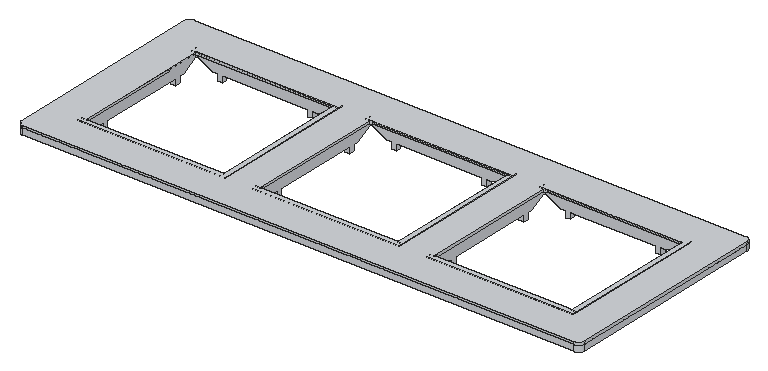
Revit family "Gira_0213295", category Electrical Fixtures, host Face, Revit 2017
Family settings
  Host = Face
  Maintain Annotation Orientation = No
  Round Connector Dimension = Use Diameter
  Part Type = Normal
  Cut with Voids When Loaded = No
  Shared = No
  Room Calculation Point = No
Parameters (values of type "Cov.fr. 3-g flat Gira E2 p.white")
  With hinged lid = "No"
  URL = "http://katalog.gira.de/en/datenblatt.html?artikelnr=0213295"
  Type of fastening = "Clamp mounting"
  Transparent = "No"
  Surface protection = "Other"
  Surface finishing = "Glossy"
  Suitable for wall duct = "No"
  Suitable for flush-mounted installation = "Yes"
  Suitable for floor box = "No"
  Suitable for built-in installation = "No"
  RAL-number (akin) = "9010"
  Number of units vertical = "3"
  Number of units horizontal = "3"
  Number of units = "3"
  Name = "Cov.fr. 3-g flat Gira E2 p.white"
  Mounting direction = "Horizontal and vertical"
  Material quality = "Thermoplastic"
  Material = "Plastic"
  Manufacturer URL = "https://www.gira.de/"
  Manufacturer = "Gira"
  Label space/information surface = "No"
  Keynote = ""
  HeinzeBIM = "https://bimportal.heinze.de/bim/cov-fr-3-g-flat-gira-e2-p-white/775f8fc87214c731de78a0a6b9c0fd54142518a6"
  Halogen free = "Yes"
  HAN = "0213295"
  GTIN = "4010337022275"
  Description = "Cov.fr.3g flat E2 PW,Gira E2 cover frame for flat installation,pure white glossy,3-gang,"
  Degree of protection (IP) = "IP21"
  Default Elevation = 1219.2 mm
  Data sheet (1) = "https://katalog.gira.de/en/download.html?artikelnr=0213295"
  Colour = "White"
  Category = "Cover frame for domestic switching devices"
  BIM (1) = "https://media.stage.bim.site/public/gira/36a6b08/E2flach_Rahmen_3fach.rfa"
  Available = "No"
Reference planes
  plane 1 "Center (Front/Back)": y = 0
  plane 2: z = 0
  plane 3 "Center (Left/Right)": x = 0
Forms (mm)
  Extrusion 1, solid, detail levels fine
    sketch origin (0, 0, 0) x (1, 0, 0) y (0, 1, 0)
      loop
        arc (-112.6, 43.9) -> (-114.368, 43.168) -> (-115.1, 41.4) r 2.5
        line (-115.1, 41.4) -> (-115.1, -41.4)
        arc (-115.1, -41.4) -> (-114.368, -43.168) -> (-112.6, -43.9) r 2.5
        line (-112.6, -43.9) -> (112.6, -43.9)
        arc (112.6, -43.9) -> (114.368, -43.168) -> (115.1, -41.4) r 2.5
        line (115.1, -41.4) -> (115.1, 41.4)
        arc (115.1, 41.4) -> (114.368, 43.168) -> (112.6, 43.9) r 2.5
        line (112.6, 43.9) -> (-112.6, 43.9)
      loop
        spline (-99.344, -27.245) -> (-99.336, -27.363) -> (-99.313, -27.478) -> (-99.275, -27.589) -> (-99.223, -27.695) -> (-99.158, -27.792) -> (-99.081, -27.881) -> (-98.992, -27.958) -> (-98.895, -28.023) -> (-98.789, -28.075) -> (-98.678, -28.113) -> (-98.563, -28.136) -> (-98.445, -28.144)
        line (-98.445, -28.144) -> (-43.955, -28.144)
        spline (-43.955, -28.144) -> (-43.837, -28.136) -> (-43.722, -28.113) -> (-43.611, -28.075) -> (-43.505, -28.023) -> (-43.408, -27.958) -> (-43.319, -27.881) -> (-43.242, -27.792) -> (-43.177, -27.695) -> (-43.125, -27.589) -> (-43.087, -27.478) -> (-43.064, -27.363) -> (-43.056, -27.245)
        line (-43.056, -27.245) -> (-43.056, 27.245)
        spline (-43.056, 27.245) -> (-43.064, 27.363) -> (-43.087, 27.478) -> (-43.125, 27.589) -> (-43.177, 27.695) -> (-43.242, 27.792) -> (-43.319, 27.881) -> (-43.408, 27.958) -> (-43.505, 28.023) -> (-43.611, 28.075) -> (-43.722, 28.113) -> (-43.837, 28.136) -> (-43.955, 28.144)
        line (-43.955, 28.144) -> (-98.445, 28.144)
        spline (-98.445, 28.144) -> (-98.563, 28.136) -> (-98.678, 28.113) -> (-98.789, 28.075) -> (-98.895, 28.023) -> (-98.992, 27.958) -> (-99.081, 27.881) -> (-99.158, 27.792) -> (-99.223, 27.695) -> (-99.275, 27.589) -> (-99.313, 27.478) -> (-99.336, 27.363) -> (-99.344, 27.245)
        line (-99.344, 27.245) -> (-99.344, -27.245)
      loop
        spline (98.445, -28.144) -> (98.563, -28.136) -> (98.678, -28.113) -> (98.789, -28.075) -> (98.895, -28.023) -> (98.992, -27.958) -> (99.081, -27.881) -> (99.158, -27.792) -> (99.223, -27.695) -> (99.275, -27.589) -> (99.313, -27.478) -> (99.336, -27.363) -> (99.344, -27.245)
        line (99.344, -27.245) -> (99.344, 27.245)
        spline (99.344, 27.245) -> (99.336, 27.363) -> (99.313, 27.478) -> (99.275, 27.589) -> (99.223, 27.695) -> (99.158, 27.792) -> (99.081, 27.881) -> (98.992, 27.958) -> (98.895, 28.023) -> (98.789, 28.075) -> (98.678, 28.113) -> (98.563, 28.136) -> (98.445, 28.144)
        line (98.445, 28.144) -> (43.955, 28.144)
        spline (43.955, 28.144) -> (43.837, 28.136) -> (43.722, 28.113) -> (43.611, 28.075) -> (43.505, 28.023) -> (43.408, 27.958) -> (43.319, 27.881) -> (43.242, 27.792) -> (43.177, 27.695) -> (43.125, 27.589) -> (43.087, 27.478) -> (43.064, 27.363) -> (43.056, 27.245)
        line (43.056, 27.245) -> (43.056, -27.245)
        spline (43.056, -27.245) -> (43.064, -27.363) -> (43.087, -27.478) -> (43.125, -27.589) -> (43.177, -27.695) -> (43.242, -27.792) -> (43.319, -27.881) -> (43.408, -27.958) -> (43.505, -28.023) -> (43.611, -28.075) -> (43.722, -28.113) -> (43.837, -28.136) -> (43.955, -28.144)
        line (43.955, -28.144) -> (98.445, -28.144)
      loop
        spline (-28.144, -27.245) -> (-28.136, -27.363) -> (-28.113, -27.478) -> (-28.075, -27.589) -> (-28.023, -27.695) -> (-27.958, -27.792) -> (-27.881, -27.881) -> (-27.792, -27.958) -> (-27.695, -28.023) -> (-27.589, -28.075) -> (-27.478, -28.113) -> (-27.363, -28.136) -> (-27.245, -28.144)
        line (-27.245, -28.144) -> (27.245, -28.144)
        spline (27.245, -28.144) -> (27.363, -28.136) -> (27.478, -28.113) -> (27.589, -28.075) -> (27.695, -28.023) -> (27.792, -27.958) -> (27.881, -27.881) -> (27.958, -27.792) -> (28.023, -27.695) -> (28.075, -27.589) -> (28.113, -27.478) -> (28.136, -27.363) -> (28.144, -27.245)
        line (28.144, -27.245) -> (28.144, 27.245)
        spline (28.144, 27.245) -> (28.136, 27.363) -> (28.113, 27.478) -> (28.075, 27.589) -> (28.023, 27.695) -> (27.958, 27.792) -> (27.881, 27.881) -> (27.792, 27.958) -> (27.695, 28.023) -> (27.589, 28.075) -> (27.478, 28.113) -> (27.363, 28.136) -> (27.245, 28.144)
        line (27.245, 28.144) -> (-27.245, 28.144)
        spline (-27.245, 28.144) -> (-27.363, 28.136) -> (-27.478, 28.113) -> (-27.589, 28.075) -> (-27.695, 28.023) -> (-27.792, 27.958) -> (-27.881, 27.881) -> (-27.958, 27.792) -> (-28.023, 27.695) -> (-28.075, 27.589) -> (-28.113, 27.478) -> (-28.136, 27.363) -> (-28.144, 27.245)
        line (-28.144, 27.245) -> (-28.144, -27.245)
    from 2.5 to 3.4
  Extrusion 2, solid, detail levels fine
    sketch origin (0, 0, 0) x (1, 0, 0) y (0, 1, 0)
      loop
        arc (-112.6, 43.9) -> (-114.368, 43.168) -> (-115.1, 41.4) r 2.5
        line (-115.1, 41.4) -> (-115.1, -41.4)
        arc (-115.1, -41.4) -> (-114.368, -43.168) -> (-112.6, -43.9) r 2.5
        line (-112.6, -43.9) -> (112.6, -43.9)
        arc (112.6, -43.9) -> (114.368, -43.168) -> (115.1, -41.4) r 2.5
        line (115.1, -41.4) -> (115.1, 41.4)
        arc (115.1, 41.4) -> (114.368, 43.168) -> (112.6, 43.9) r 2.5
        line (112.6, 43.9) -> (-112.6, 43.9)
      loop
        arc (-112.6, 43.4) -> (-114.014, 42.814) -> (-114.6, 41.4) r 2
        line (-114.6, 41.4) -> (-114.6, -41.4)
        arc (-114.6, -41.4) -> (-114.014, -42.814) -> (-112.6, -43.4) r 2
        line (-112.6, -43.4) -> (112.6, -43.4)
        arc (112.6, -43.4) -> (114.014, -42.814) -> (114.6, -41.4) r 2
        line (114.6, -41.4) -> (114.6, 41.4)
        arc (114.6, 41.4) -> (114.014, 42.814) -> (112.6, 43.4) r 2
        line (112.6, 43.4) -> (-112.6, 43.4)
    from 0 to 2.5
  Extrusion 3, solid, detail levels fine
    sketch origin (-71.2, 0, 0) x (1, 0, 0) y (0, 0, 1)
      loop
        line (-17.5, -4.06) -> (-17.5, -1.56) -> (17.5, -1.56) -> (17.5, -4.06) -> (19.5, -4.06) -> (19.5, -1.56) -> (21.654, -1.56) -> (27.214, 1.65) -> (30, 1.65) -> (30, 3.4) -> (-30, 3.4) -> (-30, 1.65) -> (-27.214, 1.65) -> (-21.654, -1.56) -> (-19.5, -1.56) -> (-19.5, -4.06) -> (-17.5, -4.06)
    from 28.144 to 30
  Extrusion 4, solid, detail levels fine
    sketch origin (-71.2, 0, 0) x (0, -1, 0) y (0, 0, -1)
      loop
        line (-17.5, 4.06) -> (-19.5, 4.06) -> (-19.5, 1.56) -> (-21.654, 1.56) -> (-27.214, -1.65) -> (-28.144, -1.65) -> (-28.144, -3.4) -> (28.144, -3.4) -> (28.144, -1.65) -> (27.214, -1.65) -> (21.654, 1.56) -> (19.5, 1.56) -> (19.5, 4.06) -> (17.5, 4.06) -> (17.5, 1.56) -> (-17.5, 1.56) -> (-17.5, 4.06)
    from 28.144 to 30
  Extrusion 5, solid, detail levels medium
    sketch origin (-71.2, 0, 0) x (0, -1, 0) y (0, 0, 1)
      loop
        line (-17.5, -4.06) -> (-17.5, -1.56) -> (17.5, -1.56) -> (17.5, -4.06) -> (19.5, -4.06) -> (19.5, -1.56) -> (28.144, -1.56) -> (28.144, 3.4) -> (-28.144, 3.4) -> (-28.144, -1.56) -> (-19.5, -1.56) -> (-19.5, -4.06) -> (-17.5, -4.06)
    from 28.144 to 30
  Extrusion 6, solid, detail levels fine
    sketch origin (-71.2, 0, 0) x (1, 0, 0) y (0, 0, -1)
      loop
        line (-17.5, 4.06) -> (-19.5, 4.06) -> (-19.5, 1.56) -> (-21.654, 1.56) -> (-27.214, -1.65) -> (-30, -1.65) -> (-30, -3.4) -> (30, -3.4) -> (30, -1.65) -> (27.214, -1.65) -> (21.654, 1.56) -> (19.5, 1.56) -> (19.5, 4.06) -> (17.5, 4.06) -> (17.5, 1.56) -> (-17.5, 1.56) -> (-17.5, 4.06)
    from 28.144 to 30
  Extrusion 7, solid, detail levels coarse
    sketch origin (0, 0, 0) x (1, 0, 0) y (0, 1, 0)
      loop
        line (-115.1, 43.9) -> (-115.1, -43.9) -> (115.1, -43.9) -> (115.1, 43.9) -> (-115.1, 43.9)
    from -4.06 to 3.4
  Extrusion 8, solid, detail levels medium
    sketch origin (0, 0, 0) x (1, 0, 0) y (0, 1, 0)
      loop
        line (-115.1, 43.9) -> (-115.1, -43.9) -> (115.1, -43.9) -> (115.1, 43.9) -> (-115.1, 43.9)
    from 0 to 3.4
  Extrusion 9, solid, detail levels medium
    sketch origin (-71.2, 0, 0) x (1, 0, 0) y (0, 0, 1)
      loop
        line (-17.5, -4.06) -> (-17.5, -1.56) -> (17.5, -1.56) -> (17.5, -4.06) -> (19.5, -4.06) -> (19.5, -1.56) -> (30, -1.56) -> (30, 3.4) -> (-30, 3.4) -> (-30, -1.56) -> (-19.5, -1.56) -> (-19.5, -4.06) -> (-17.5, -4.06)
    from 28.144 to 30
  Extrusion 10, solid, detail levels medium
    sketch origin (-71.2, 0, 0) x (1, 0, 0) y (0, 0, -1)
      loop
        line (-17.5, 4.06) -> (-19.5, 4.06) -> (-19.5, 1.56) -> (-30, 1.56) -> (-30, -3.4) -> (30, -3.4) -> (30, 1.56) -> (19.5, 1.56) -> (19.5, 4.06) -> (17.5, 4.06) -> (17.5, 1.56) -> (-17.5, 1.56) -> (-17.5, 4.06)
    from 28.144 to 30
  Extrusion 11, solid, detail levels medium
    sketch origin (-71.2, 0, 0) x (0, -1, 0) y (0, 0, -1)
      loop
        line (-17.5, 4.06) -> (-19.5, 4.06) -> (-19.5, 1.56) -> (-28.144, 1.56) -> (-28.144, -3.4) -> (28.144, -3.4) -> (28.144, 1.56) -> (19.5, 1.56) -> (19.5, 4.06) -> (17.5, 4.06) -> (17.5, 1.56) -> (-17.5, 1.56) -> (-17.5, 4.06)
    from 28.144 to 30
  Extrusion 12, solid, detail levels fine
    sketch origin (71.2, 0, 0) x (-1, 0, 0) y (0, 0, -1)
      loop
        line (-17.5, 4.06) -> (-19.5, 4.06) -> (-19.5, 1.56) -> (-21.654, 1.56) -> (-27.214, -1.65) -> (-30, -1.65) -> (-30, -3.4) -> (30, -3.4) -> (30, -1.65) -> (27.214, -1.65) -> (21.654, 1.56) -> (19.5, 1.56) -> (19.5, 4.06) -> (17.5, 4.06) -> (17.5, 1.56) -> (-17.5, 1.56) -> (-17.5, 4.06)
    from 28.144 to 30
  Extrusion 13, solid, detail levels fine
    sketch origin (71.2, 0, 0) x (0, -1, 0) y (0, 0, 1)
      loop
        line (-17.5, -4.06) -> (-17.5, -1.56) -> (17.5, -1.56) -> (17.5, -4.06) -> (19.5, -4.06) -> (19.5, -1.56) -> (21.654, -1.56) -> (27.214, 1.65) -> (28.144, 1.65) -> (28.144, 3.4) -> (-28.144, 3.4) -> (-28.144, 1.65) -> (-27.214, 1.65) -> (-21.654, -1.56) -> (-19.5, -1.56) -> (-19.5, -4.06) -> (-17.5, -4.06)
    from 28.144 to 30
  Extrusion 14, solid, detail levels medium
    sketch origin (71.2, 0, 0) x (0, -1, 0) y (0, 0, -1)
      loop
        line (-17.5, 4.06) -> (-19.5, 4.06) -> (-19.5, 1.56) -> (-28.144, 1.56) -> (-28.144, -3.4) -> (28.144, -3.4) -> (28.144, 1.56) -> (19.5, 1.56) -> (19.5, 4.06) -> (17.5, 4.06) -> (17.5, 1.56) -> (-17.5, 1.56) -> (-17.5, 4.06)
    from 28.144 to 30
  Extrusion 15, solid, detail levels fine
    sketch origin (71.2, 0, 0) x (-1, 0, 0) y (0, 0, 1)
      loop
        line (-17.5, -4.06) -> (-17.5, -1.56) -> (17.5, -1.56) -> (17.5, -4.06) -> (19.5, -4.06) -> (19.5, -1.56) -> (21.654, -1.56) -> (27.214, 1.65) -> (30, 1.65) -> (30, 3.4) -> (-30, 3.4) -> (-30, 1.65) -> (-27.214, 1.65) -> (-21.654, -1.56) -> (-19.5, -1.56) -> (-19.5, -4.06) -> (-17.5, -4.06)
    from 28.144 to 30
  Extrusion 16, solid, detail levels medium
    sketch origin (71.2, 0, 0) x (-1, 0, 0) y (0, 0, -1)
      loop
        line (-17.5, 4.06) -> (-19.5, 4.06) -> (-19.5, 1.56) -> (-30, 1.56) -> (-30, -3.4) -> (30, -3.4) -> (30, 1.56) -> (19.5, 1.56) -> (19.5, 4.06) -> (17.5, 4.06) -> (17.5, 1.56) -> (-17.5, 1.56) -> (-17.5, 4.06)
    from 28.144 to 30
  Extrusion 17, solid, detail levels medium
    sketch origin (71.2, 0, 0) x (-1, 0, 0) y (0, 0, 1)
      loop
        line (-17.5, -4.06) -> (-17.5, -1.56) -> (17.5, -1.56) -> (17.5, -4.06) -> (19.5, -4.06) -> (19.5, -1.56) -> (30, -1.56) -> (30, 3.4) -> (-30, 3.4) -> (-30, -1.56) -> (-19.5, -1.56) -> (-19.5, -4.06) -> (-17.5, -4.06)
    from 28.144 to 30
  Extrusion 18, solid, detail levels medium
    sketch origin (71.2, 0, 0) x (0, -1, 0) y (0, 0, 1)
      loop
        line (-17.5, -4.06) -> (-17.5, -1.56) -> (17.5, -1.56) -> (17.5, -4.06) -> (19.5, -4.06) -> (19.5, -1.56) -> (28.144, -1.56) -> (28.144, 3.4) -> (-28.144, 3.4) -> (-28.144, -1.56) -> (-19.5, -1.56) -> (-19.5, -4.06) -> (-17.5, -4.06)
    from 28.144 to 30
  Extrusion 19, solid, detail levels fine
    sketch origin (-129.344, 0, 0) x (0, -1, 0) y (0, 0, -1)
      loop
        line (-17.5, 4.06) -> (-19.5, 4.06) -> (-19.5, 1.56) -> (-21.654, 1.56) -> (-27.214, -1.65) -> (-28.144, -1.65) -> (-28.144, -3.4) -> (28.144, -3.4) -> (28.144, -1.65) -> (27.214, -1.65) -> (21.654, 1.56) -> (19.5, 1.56) -> (19.5, 4.06) -> (17.5, 4.06) -> (17.5, 1.56) -> (-17.5, 1.56) -> (-17.5, 4.06)
    from 28.144 to 30
  Extrusion 20, solid, detail levels fine
    sketch origin (129.344, 0, 0) x (0, -1, 0) y (0, 0, 1)
      loop
        line (-17.5, -4.06) -> (-17.5, -1.56) -> (17.5, -1.56) -> (17.5, -4.06) -> (19.5, -4.06) -> (19.5, -1.56) -> (21.654, -1.56) -> (27.214, 1.65) -> (28.144, 1.65) -> (28.144, 3.4) -> (-28.144, 3.4) -> (-28.144, 1.65) -> (-27.214, 1.65) -> (-21.654, -1.56) -> (-19.5, -1.56) -> (-19.5, -4.06) -> (-17.5, -4.06)
    from 28.144 to 30
  Extrusion 21, solid, detail levels fine
    sketch origin (0, 0, 0) x (-1, 0, 0) y (0, 0, -1)
      loop
        line (-17.5, 4.06) -> (-19.5, 4.06) -> (-19.5, 1.56) -> (-21.654, 1.56) -> (-27.214, -1.65) -> (-30, -1.65) -> (-30, -3.4) -> (30, -3.4) -> (30, -1.65) -> (27.214, -1.65) -> (21.654, 1.56) -> (19.5, 1.56) -> (19.5, 4.06) -> (17.5, 4.06) -> (17.5, 1.56) -> (-17.5, 1.56) -> (-17.5, 4.06)
    from 28.144 to 30
  Extrusion 22, solid, detail levels fine
    sketch origin (0, 0, 0) x (0, -1, 0) y (0, 0, 1)
      loop
        line (-17.5, -4.06) -> (-17.5, -1.56) -> (17.5, -1.56) -> (17.5, -4.06) -> (19.5, -4.06) -> (19.5, -1.56) -> (21.654, -1.56) -> (27.214, 1.65) -> (28.144, 1.65) -> (28.144, 3.4) -> (-28.144, 3.4) -> (-28.144, 1.65) -> (-27.214, 1.65) -> (-21.654, -1.56) -> (-19.5, -1.56) -> (-19.5, -4.06) -> (-17.5, -4.06)
    from 28.144 to 30
  Extrusion 23, solid, detail levels medium
    sketch origin (0, 0, 0) x (0, -1, 0) y (0, 0, -1)
      loop
        line (-17.5, 4.06) -> (-19.5, 4.06) -> (-19.5, 1.56) -> (-28.144, 1.56) -> (-28.144, -3.4) -> (28.144, -3.4) -> (28.144, 1.56) -> (19.5, 1.56) -> (19.5, 4.06) -> (17.5, 4.06) -> (17.5, 1.56) -> (-17.5, 1.56) -> (-17.5, 4.06)
    from 28.144 to 30
  Extrusion 24, solid, detail levels fine
    sketch origin (0, 0, 0) x (-1, 0, 0) y (0, 0, 1)
      loop
        line (-17.5, -4.06) -> (-17.5, -1.56) -> (17.5, -1.56) -> (17.5, -4.06) -> (19.5, -4.06) -> (19.5, -1.56) -> (21.654, -1.56) -> (27.214, 1.65) -> (30, 1.65) -> (30, 3.4) -> (-30, 3.4) -> (-30, 1.65) -> (-27.214, 1.65) -> (-21.654, -1.56) -> (-19.5, -1.56) -> (-19.5, -4.06) -> (-17.5, -4.06)
    from 28.144 to 30
  Extrusion 25, solid, detail levels medium
    sketch origin (0, 0, 0) x (-1, 0, 0) y (0, 0, -1)
      loop
        line (-17.5, 4.06) -> (-19.5, 4.06) -> (-19.5, 1.56) -> (-30, 1.56) -> (-30, -3.4) -> (30, -3.4) -> (30, 1.56) -> (19.5, 1.56) -> (19.5, 4.06) -> (17.5, 4.06) -> (17.5, 1.56) -> (-17.5, 1.56) -> (-17.5, 4.06)
    from 28.144 to 30
  Extrusion 26, solid, detail levels medium
    sketch origin (0, 0, 0) x (-1, 0, 0) y (0, 0, 1)
      loop
        line (-17.5, -4.06) -> (-17.5, -1.56) -> (17.5, -1.56) -> (17.5, -4.06) -> (19.5, -4.06) -> (19.5, -1.56) -> (30, -1.56) -> (30, 3.4) -> (-30, 3.4) -> (-30, -1.56) -> (-19.5, -1.56) -> (-19.5, -4.06) -> (-17.5, -4.06)
    from 28.144 to 30
  Extrusion 27, solid, detail levels medium
    sketch origin (0, 0, 0) x (0, -1, 0) y (0, 0, 1)
      loop
        line (-17.5, -4.06) -> (-17.5, -1.56) -> (17.5, -1.56) -> (17.5, -4.06) -> (19.5, -4.06) -> (19.5, -1.56) -> (28.144, -1.56) -> (28.144, 3.4) -> (-28.144, 3.4) -> (-28.144, -1.56) -> (-19.5, -1.56) -> (-19.5, -4.06) -> (-17.5, -4.06)
    from 28.144 to 30
  Extrusion 28, solid, detail levels fine
    sketch origin (58.144, 0, 0) x (0, -1, 0) y (0, 0, 1)
      loop
        line (-17.5, -4.06) -> (-17.5, -1.56) -> (17.5, -1.56) -> (17.5, -4.06) -> (19.5, -4.06) -> (19.5, -1.56) -> (21.654, -1.56) -> (27.214, 1.65) -> (28.144, 1.65) -> (28.144, 3.4) -> (-28.144, 3.4) -> (-28.144, 1.65) -> (-27.214, 1.65) -> (-21.654, -1.56) -> (-19.5, -1.56) -> (-19.5, -4.06) -> (-17.5, -4.06)
    from 28.144 to 30
Dimensions and locks
  aligned and locked: plane 2 to host face
  aligned and locked: level to host face
